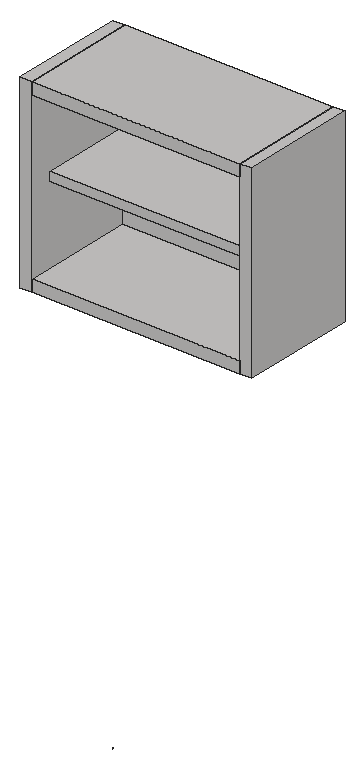
Revit family "QF_ZANUSSI_133255_PA800LCN", category Attrezzature speciali, Revit 2020
Family settings
  Quota connettore circolare = Usa diametro
  Tipo di parte = Normale
  Basato su piano di lavoro = No
  Sempre verticale = Sì
  Taglio con vuoti quando caricato = No
  Condiviso = No
  Punto di calcolo locali = No
Parameters (values of type "Standard")
  Weight = 17.00 kg
  Watts = 0 W
  Volts = 0 V
  URL Manufacturer = "http://www.zanussiprofessional.com"
  URL = "http://www.zanussiprofessional.com"
  Steam Supply Size = 0 mm
  Steam Supply Minimum Pressure = 0.0 Pa
  Steam Supply Maximum Pressure = 0.0 Pa
  Steam Consumption per Hour = 0
  Refrigeration Suction Line Size = 0.0 mm
  Refrigeration Liquid Line Size = 0.0 mm
  Refrigerant Compressor Remote = yes
  Prospetto di default = 0.0 mm
  Phase = 0
  Modello = "PA800LCN"
  Produttore = "Zanussi"
  Length Actual = 800.0 mm  # constant formula
  Item Number = "133255"
  Hot Water Size = 0 mm
  Height Actual = 650.0 mm  # constant formula
  HP = "0 HP"
  Gas Size = 0 mm
  Gas KW = 0
  Gas Input Pressure = 0 W
  Direct Waste Size = 0 mm
  Descrizione = "OPEN WALL CUPBOARD 800 MM"
  Depth Actual = 400.0 mm  # constant formula
  Cycle = 0 Hz
  Condensate Return Size = 0 mm
  Compressed Air Volume = 0.0 L/s
  Compressed Air Size = 0 mm
  Compressed Air Pressure = 0.0 Pa
  Cold Water Size = 0 mm
  Accessory = yes
Reference planes
  plane 1 "Center (Front/Back)": y = 0
  plane 2: z = 0
  plane 3 "Center (Left/Right)": x = -300
  plane 4 "LEFT": x = -700
  plane 5 "RIGHT": x = 100
  plane 6 "BACK": y = 200
  plane 7 "FRONT": y = -200
  plane 8 "Base": z = 2250
  plane 9 "BASE": z = 1600
  plane 10: x = -660
  plane 11: x = 60
  plane 12: y = -197
  plane 13: y = 150
  plane 14: y = 190
  plane 15 "Ripiano": z = 1910
  plane 16: z = 1940
Forms (mm)
  Extrusion 1, solid, material "QF_Finishes_Stainless Steel"
    sketch origin (0, 0, 1600) x (-1, 0, 0) y (0, -1, 0)
      loop
        line (700, -200) -> (700, 200) -> (660, 200) -> (660, -200) -> (700, -200)
      loop
        line (-60, -200) -> (-60, 200) -> (-100, 200) -> (-100, -200) -> (-60, -200)
    from 0 to 650
  Extrusion 2, solid, material "QF_Finishes_Stainless Steel"
    sketch origin (0, 0, 1600) x (-1, 0, 0) y (0, -1, 0)
      loop
        line (660, -200) -> (660, 200) -> (-60, 200) -> (-60, -200) -> (660, -200)
    from 0 to 40
  Extrusion 3, solid, material "QF_Finishes_Stainless Steel"
    sketch origin (0, 0, 0) x (1, 0, 0) y (0, 1, 0)
      loop
        line (-660, -200) -> (60, -200) -> (60, 200) -> (-660, 200) -> (-660, -200)
    from 2210 to 2250
  Extrusion 4, solid, material "QF_Finishes_Stainless Steel"
    sketch origin (0, 0, 0) x (1, 0, 0) y (0, 1, 0)
      loop
        line (-700, 200) -> (-700, 199) -> (-699, 199) -> (-699, 200) -> (-700, 200)
    from 0 to 1
  Extrusion 5, solid, material "QF_Finishes_Stainless Steel"
    sketch origin (0, 0, 1910) x (-1, 0, 0) y (0, -1, 0)
      loop
        line (660, -190) -> (660, 124.1) -> (-60, 124.1) -> (-60, -190) -> (660, -190)
    from 0 to 30
  Extrusion 6, solid, material "QF_Finishes_Stainless Steel"
    sketch origin (0, 0, 1910) x (-1, 0, 0) y (0, -1, 0)
      loop
        line (660, -200) -> (660, -190) -> (-60, -190) -> (-60, -200) -> (660, -200)
    from -270 to 300
Lines and regions (mm)
  symbolic lines
    curve 1: line (100, 200, 0) -> (-700, -200, 0)
    curve 2: line (-700, 200, 0) -> (100, 200, 0)
    curve 3: line (-700, -200, 0) -> (-700, 200, 0)
    curve 4: line (100, -200, 0) -> (-700, -200, 0)
    curve 5: line (100, 200, 0) -> (100, -200, 0)
  symbolic lines, style "SpecialityEquipmentHiddenLines"
    curve 6: line (-660, -124.1, 1910) -> (60, -124.1, 1910)
    curve 7: line (60, -200, 1910) -> (60, 190, 1910)
    curve 8: line (60, 190, 1910) -> (-660, 190, 1910)
    curve 9: line (-660, 190, 1910) -> (-660, -200, 1910)
Dimensions and locks
  plane 4 "LEFT" to plane 5 "RIGHT" = 800.0 mm
  equal spacing: plane 4 "LEFT", plane 3 "Center (Left/Right)", plane 5 "RIGHT"
  plane 6 "BACK" to plane 7 "FRONT" = 400.0 mm
  equal spacing: plane 6 "BACK", plane 1 "Center (Front/Back)", plane 7 "FRONT"
  plane 9 "BASE" to level = 1600.0 mm
  locked: plane 4 "LEFT" to plane 10 at 40
  locked: plane 11 to plane 5 "RIGHT" at 40
  plane 12 to plane 7 "FRONT" = 3.0 mm
  plane 6 "BACK" to plane 13 = 50.0 mm
  locked: plane 8 "Base" to plane 9 "BASE" at 650
  locked: plane 15 "Ripiano" to plane 9 "BASE" at 310
  locked: plane 16 to plane 15 "Ripiano" at 30
  aligned and locked: level to plane 2
  aligned and locked: plane 8 "Base" to Extrusion 1
  aligned and locked: plane 6 "BACK" to Extrusion 1 sketch curve
  aligned and locked: Extrusion 1 sketch curve to plane 6 "BACK"
  aligned and locked: plane 7 "FRONT" to Extrusion 1 sketch curve
  aligned and locked: Extrusion 1 sketch curve to plane 7 "FRONT"
  aligned and locked: plane 10 to Extrusion 1
  aligned and locked: Extrusion 1 to plane 11
  aligned and locked: Extrusion 2 to plane 10
  aligned and locked: plane 11 to Extrusion 2
  aligned and locked: plane 8 "Base" to Extrusion 3
  aligned and locked: Extrusion 3 to plane 7 "FRONT"
  aligned and locked: Extrusion 2 to plane 7 "FRONT"
Automatic sketch dimensions
  Extrusion 1 sketch curve to plane 5 "RIGHT" = 0.0 mm
  Extrusion 1 sketch curve to plane 11 = 0.0 mm
  Extrusion 1 sketch curve to plane 10 = 0.0 mm
  Extrusion 1 sketch curve to plane 4 "LEFT" = 0.0 mm
  Extrusion 2 sketch curve to plane 11 = 0.0 mm
  Extrusion 2 sketch curve to plane 10 = 0.0 mm
  Extrusion 2 sketch curve to plane 13 = 50.0 mm
  Extrusion 2 sketch curve to plane 12 = 3.0 mm
  Extrusion 3 sketch curve to plane 10 = 0.0 mm
  Extrusion 3 sketch curve to plane 11 = 0.0 mm
  Extrusion 3 sketch curve to plane 12 = 3.0 mm
  Extrusion 3 sketch curve to plane 14 = 10.0 mm
  Extrusion 4 sketch curve to plane 6 "BACK" = 0.0 mm
  Extrusion 4 sketch curve to plane 4 "LEFT" = 0.0 mm
  plane 4 "LEFT" to Extrusion 4 sketch curve = 1.0 mm
  Extrusion 4 sketch curve to plane 6 "BACK" = 1.0 mm
  curve 4 to plane 4 "LEFT" = 0.0 mm
  curve 5 to plane 5 "RIGHT" = 0.0 mm
  Extrusion 5 sketch curve to plane 11 = 0.0 mm
  Extrusion 5 sketch curve to plane 10 = 0.0 mm
  plane 14 to Extrusion 5 sketch curve = 0.0 mm
  plane 12 to Extrusion 5 sketch curve = 72.9 mm
  Extrusion 6 sketch curve to plane 6 "BACK" = 0.0 mm
  Extrusion 6 sketch curve to plane 11 = 0.0 mm
  Extrusion 6 sketch curve to plane 10 = 0.0 mm
  plane 14 to Extrusion 6 sketch curve = 0.0 mm
  curve 1 to plane 7 "FRONT" = 0.0 mm
  curve 3 to plane 6 "BACK" = 0.0 mm
  curve 6 to plane 11 = 0.0 mm
  curve 6 to plane 10 = 0.0 mm
  plane 14 to curve 9 = 0.0 mm
  curve 9 to plane 7 "FRONT" = 0.0 mm
  curve 7 to plane 7 "FRONT" = 0.0 mm
  plane 12 to curve 6 = 72.9 mm
